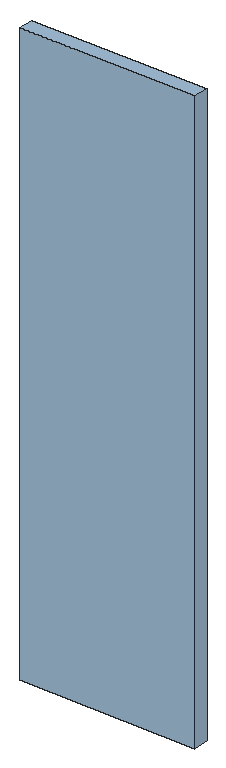
Revit family
Parameters
  열림 각도 [instance] = 25.00°
  Height = 2000 mm
  Wall Closure = (empty or 0)
  Width = 600 mm
  Function = (empty or 0)
  Assembly Code = ""
Reference planes
  plane 1: y = 0
  plane 2 "중심(왼쪽/오른쪽)": x = 0
  plane 3 "좌측면": x = -300
  plane 4 "오른쪽": x = 300
  plane 5: z = 2200
  plane 6 "외부": y = 25
  plane 7 "내부": y = -25
  plane 8: z = 200
  plane 9: z = 1100
Forms (mm)
  Extrusion 1, solid, material "큐비클"
    sketch origin (0, -25, 0) x (1, 0, 0) y (0, 0, 1)
      loop
        line (-300, 200) -> (300, 200) -> (300, 2200) -> (-300, 2200) -> (-300, 200)
    from 0 to -50
Lines and regions (mm)
  Opening 1
    outline origin (-3050, -25, 0) x (1, 0, 0) y (0, 0, 1)
      loop
        line (2750, 0) -> (3350, 0) -> (3350, 2200) -> (2750, 2200) -> (2750, 0)
  symbolic lines, style "입면도 스윙"
    curve 1: line (-300, 25, 200) -> (300, 25, 1100)
    curve 2: line (-300, 25, 2200) -> (300, 25, 1100)
  symbolic lines
    curve 3: line (-300, 25, 0) -> (243.785, 278.571, 0)
    curve 4: line (-278.869, -20.315, 0) -> (-300, 25, 0)
    curve 5: line (264.916, 233.256, 0) -> (-278.869, -20.315, 0)
    curve 6: line (243.785, 278.571, 0) -> (264.916, 233.256, 0)
    curve 7: arc (300, 25, 0) -> (290.684, 130.322, 0) -> (263.024, 232.374, 0) r 600
Text (mm)
  text "외부" at (-2295.016, 1099.543, 0), in view "참조 레벨"
  text "외부" at (0, 1615.38, 3698.081), in view "좌측면"
  text "외부" at (0, 1036.032, 3874.932), in view "오른쪽"
Dimensions and locks
  equal spacing: plane 3 "좌측면", plane 2 "중심(왼쪽/오른쪽)", plane 4 "오른쪽"
  "Width": plane 3 "좌측면" to plane 4 "오른쪽"
  "Height": plane 5 to host wall
  plane 8 to plane 5 = 2000 mm
  locked: plane 6 "외부" to host wall at 0
  locked: plane 7 "내부" to host wall
  "열림 각도": angle plane 6 "외부" to curve 3
  aligned and locked: plane 3 "좌측면" to Opening 1 sketch curve
  aligned and locked: plane 5 to Opening 1 sketch curve  (x2)
  aligned and locked: Opening 1 sketch curve to plane 4 "오른쪽"
  aligned and locked: plane 1 to host wall
Automatic sketch dimensions
  curve 7 to host wall = 0 mm
  curve 7 to plane 3 "좌측면" = 0 mm
  curve 4 to host wall = 0 mm
  curve 4 to plane 3 "좌측면" = 0 mm
  curve 7 to plane 4 "오른쪽" = 0 mm
  curve 4 to plane 3 "좌측면" = 21.131 mm
  curve 7 to curve 5 = 1.891 mm
  curve 2 to plane 4 "오른쪽" = 0 mm
  curve 2 to plane 3 "좌측면" = 0 mm
  curve 2 to plane 9 = 0 mm
  curve 2 to plane 5 = 0 mm
  curve 1 to plane 4 "오른쪽" = 0 mm
  curve 1 to plane 9 = 0 mm
  curve 1 to plane 3 "좌측면" = 0 mm
  curve 1 to plane 8 = 0 mm
  Extrusion 1 sketch curve to plane 3 "좌측면" = 0 mm
  Extrusion 1 sketch curve to plane 4 "오른쪽" = 0 mm
  Extrusion 1 sketch curve to plane 8 = 0 mm
  Extrusion 1 sketch curve to plane 5 = 0 mm
  Opening 1 sketch curve to level = 0 mm
